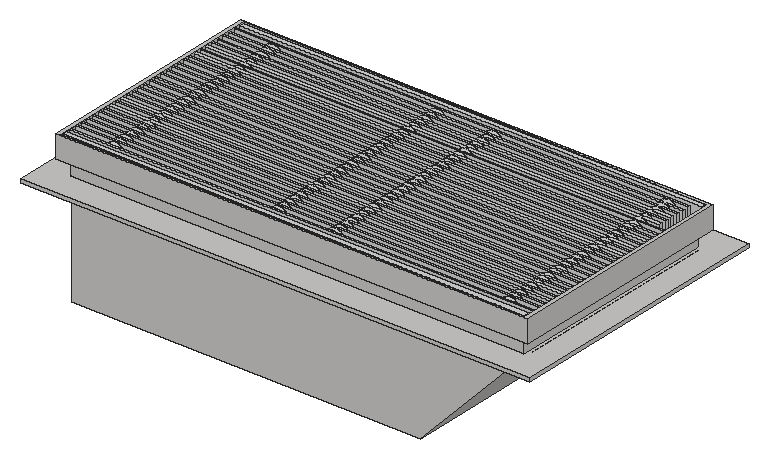
Revit family "Drain_Kettle_Zurn-Z1762", category Plumbing Fixtures, Revit 2022
Family settings
  Round Connector Dimension = Use Radius
  Part Type = Normal
  OmniClass Number = 23.45.55.21
  OmniClass Title = Drains (Wastes)
  Work Plane-Based = No
  Always vertical = Yes
  Cut with Voids When Loaded = No
  Maintain Annotation Orientation = No
  Shared = No
  Room Calculation Point = No
Parameters (values of type "Z1762-3 Inch No-Hub Outlet")
  Waste Connection = 1 = 1  # yes
  WFU = 1  # constant formula
  Vent Connection = 1 = 0  # no
  URL = "www.zurn.com"
  Type Comments = ""
  R Dimension = 7.875"
  Product data URL = "https://www.bimobject.com/en-us/zurnindustries/product/z1762"
  Product Page URL = "https://www.zurn.com/products/drainage-interceptors/floor-drains/kettle-drains/z1762"
  Product Documentation Link = "https://files.zurn.com/spec-sheets/z1762.pdf"
  Pipe Size A (Inner Radius) = 1.534"
  Pipe Size A (Actual Radius) = 1.750"
  Modified Date = "11/07/2025"  # constant formula
  Model = "Z1762"  # constant formula
  Manufacturer Brand = "Zurn"  # constant formula
  Manufacturer = "Zurn Water, LLC"  # constant formula
  Main Material = Steel - Zurn - Stainless - A.R.E Coated - Type - 304
  HWFU = 0  # constant formula
  HW Connection = 1 = 0  # no
  Grate Open Area = 149.000"  # constant formula
  Description = "KETTLE DRAIN"  # constant formula
  Default Elevation = 25.000"  # constant formula
  Date Created = "02/22/2023"  # constant formula
  CWFU = 0  # constant formula
  CW Connection = 1 = 0  # no
  Assembly Code = "D2030300"
  Approx. Wt. Lbs = 71.000"  # constant formula
  Pipe Size A (Nominal Radius) = [Pipe Size A (Diameter)] / 2  # 1.500"
  Pipe Size A (Diameter) = 3.000"
Types (7): name | R Dimension | Pipe Size A (Inner Radius) | Pipe Size A (Actual Radius) | Main Material | Pipe Size A (Nominal Radius) | Pipe Size A (Diameter)
  (no name) | 7.875" | 1.534" | 1.750" | Steel - Zurn - Stainless - A.R.E Coated - Type - 304 | 1.500" | 3.000"
  Z1762-3 Inch No-Hub Outlet | 7.875" | 1.534" | 1.750" | Steel - Zurn - Stainless - A.R.E Coated - Type - 304 | 1.500" | 3.000"
  Z1762-4 Inch No-Hub Outlet | 7.875" | 2.013" | 2.250" | Steel - Zurn - Stainless - A.R.E Coated - Type - 304 | 2.000" | 4.000"
  Z1762-6 Inch No-Hub Outlet | 6.875" | 3.033" | 3.313" | Steel - Zurn - Stainless - A.R.E Coated - Type - 304 | 3.000" | 6.000"
  ZS1762-3 Inch No-Hub Outlet | 7.875" | 1.534" | 1.750" | Steel - Zurn - Fabricated Stainless - Type - 304 | 1.500" | 3.000"
  ZS1762-4 Inch No-Hub Outlet | 7.875" | 2.013" | 2.250" | Steel - Zurn - Fabricated Stainless - Type - 304 | 2.000" | 4.000"
  ZS1762-6 Inch No-Hub Outlet | 6.875" | 3.033" | 3.313" | Steel - Zurn - Fabricated Stainless - Type - 304 | 3.000" | 6.000"
Reference planes (in)
  plane 1 "Center (Front/Back)": y = 0
  plane 2: z = 0
  plane 3 "Center (Left/Right)": x = 0
  plane 4: x = 12.5
  plane 5: x = -12.5
  plane 6: x = 12.25
  plane 7: x = -12.25
  plane 8: y = -12
  plane 9: y = 12
  plane 10: z = -8
  plane 11: z = -10
  plane 12: z = -2
  plane 13: y = -1.75
  plane 14: y = 1.75
  plane 15: x = -7.875
  plane 16: x = -9.409
  plane 17: x = -6.341
  plane 18: x = -9.625
  plane 19: x = -6.125
  plane 20: x = 12
  plane 21: z = -1.1875
  plane 22: x = -12
  plane 23: x = 6.5
  plane 24: y = 6.136
  plane 25: y = -6.136
  plane 26: y = 5.9375
  plane 27: y = -5.9375
  plane 28: y = 5.75
  plane 29: y = 5.5625
  plane 30: y = -5.5625
  plane 31: y = -5.75
  plane 32: x = 11.8125
  plane 33: x = -11.8125
  plane 34: z = -2.1875
  plane 35: x = -13.5
  plane 36: x = 13.5
  plane 37: y = 5.5625
  plane 38: y = -5.562
  plane 39: x = -11.8125
  plane 40: x = 11.8125
  plane 41: y = 5.75
  plane 42: y = -5.75
  plane 43: x = -12.3125
  plane 44: x = 12.3125
  plane 45: y = 6.0625
  plane 46: y = -6.0625
  plane 47: y = 7.42
  plane 48: y = -6.125
  plane 49: z = -1
  plane 50: x = -11.8125
  plane 51: x = 11.8125
  plane 52: y = -6.06
  plane 53: x = 12.25
  plane 54: y = -6.00419
  plane 55: x = -12.25
  plane 56: y = 5.99581
  plane 57: y = -5.996
  plane 58: y = 5.375
  plane 59: y = 5.125
  plane 60: y = 5
  plane 61: y = 4.75
  plane 62: y = 4.625
  plane 63: y = 4.375
  plane 64: y = 4.25
  plane 65: y = 4
  plane 66: y = 3.875
  plane 67: y = 3.625
  plane 68: y = 3.5
  plane 69: y = 3.25
  plane 70: y = 3.125
  plane 71: y = 2.875
  plane 72: y = 2.75
  plane 73: y = 2.5
  plane 74: y = 2.375
  plane 75: y = 2.125
  plane 76: y = 2
  plane 77: y = 1.75
  plane 78: y = 1.625
  plane 79: y = 1.375
  plane 80: y = 1.25
  plane 81: y = 1
  plane 82: y = 0.875
  plane 83: y = 0.625
  plane 84: y = 0.5
  plane 85: y = 0.25
  plane 86: y = 0.125
  plane 87: y = -0.125
  plane 88: y = -0.25
  plane 89: y = -0.5
  plane 90: y = -0.625
  plane 91: y = -0.875
  plane 92: y = -1
  plane 93: y = -1.25
  plane 94: y = -1.375
  plane 95: y = -1.625
  plane 96: y = -1.75
  plane 97: y = -2
  plane 98: y = -2.125
  plane 99: y = -2.375
  plane 100: y = -2.5
  plane 101: y = -2.75
  plane 102: y = -2.875
  plane 103: y = -3.125
  plane 104: y = -3.25
  plane 105: y = -3.5
  plane 106: y = -3.625
  plane 107: y = -3.875
  plane 108: y = -4
  plane 109: y = -4.25
  plane 110: y = -4.375
  plane 111: y = -4.625
  plane 112: y = -4.75
  plane 113: y = -5
  plane 114: y = -5.125
  plane 115: y = -5.375
  plane 116: y = -5.5
  plane 117: y = -5.75
  plane 118: y = 5.75
  plane 119: y = 5.5
  plane 120: y = 3.25
  plane 121: y = 5.375
  plane 122: x = 11.755
  plane 123: y = 1.534
  plane 124: y = -1.534
  plane 125: x = -1.75
  plane 126: x = 1.75
  plane 127: y = 4.9088
  plane 128: y = 3.6816
  plane 129: y = 2.4544
  plane 130: y = 1.2272
  plane 131: y = -4.9088
  plane 132: y = -3.6816
  plane 133: y = -2.4544
  plane 134: y = -1.2272
Forms (in)
  Extrusion 1, solid, material "Steel - Zurn - Stainless - A.R.E Coated - Type - 304" <- "Main Material", detail levels fine
    sketch origin (0, 0, 0) x (1, 0, 0) y (0, 1, 0)
      loop
        line (-12.5, 6.136) -> (-12.5, -6.136) -> (12.5, -6.136) -> (12.5, 6.136) -> (-12.5, 6.136)
    from 0 to -1.1875
  Extrusion 2, solid, material "Steel - Zurn - Stainless - A.R.E Coated - Type - 304" <- "Main Material", detail levels fine
    sketch origin (0, 0, 0) x (1, 0, 0) y (0, 1, 0)
      loop
        line (-11.8125, 5.5625) -> (-11.8125, -5.5625) -> (11.8125, -5.5625) -> (11.8125, 5.5625) -> (-11.8125, 5.5625)
      loop
        line (-12, 5.75) -> (-12, -5.75) -> (12, -5.75) -> (12, 5.75) -> (-12, 5.75)
    from -2.1875 to -1.1875
  Sweep 3, solid, material "Steel - Zurn - Stainless - A.R.E Coated - Type - 304" <- "Main Material", detail levels fine
    path origin (0, 0, 0) x (1, 0, 0) y (0, 1, 0)
      loop
        line (11.8125, -5.562) -> (11.8125, 5.5625) -> (-11.8125, 5.5625) -> (-11.8125, -5.562) -> (11.8125, -5.562)
    profile origin (11.8125, 0.00025, 0) x (-1, 0, 0) y (0, 0, 1)
      loop
        line (-0.1875, -2) -> (-1.6875, -2) -> (-1.6875, -2.1875) -> (-0.1875, -2.1875) -> (-0.1875, -2)
  Blend 4, solid, material "Steel - Zurn - Stainless - A.R.E Coated - Type - 304" <- "Main Material", detail levels fine
    base sketch origin (0, 0, 0) x (1, 0, 0) y (0, 1, 0)
      loop
        line (-12, 5.6875) -> (-12, -5.6875) -> (6.5, -5.6875) -> (6.5, 5.6875) -> (-12, 5.6875)
    top sketch origin (0, 0, 0) x (1, 0, 0) y (0, 1, 0)
      loop
        line (-12, 5.75) -> (-12, -5.6875) -> (12, -5.6875) -> (12, 5.75) -> (-12, 5.75)
    from -8 to -2.1875
  Extrusion 5, solid, material "Steel - Zurn - Stainless - A.R.E Coated - Type - 304" <- "Main Material", detail levels fine
    sketch origin (0, 0, 0) x (1, 0, 0) y (0, 1, 0)
      loop
        circle (-7.875, 0) r 1.75
    from -10 to -8
  Extrusion 6, void, detail levels fine
    sketch origin (0, 0, 0) x (0, 1, 0) y (1, 0, 0)
      loop
        circle (0, -7.875) r 1.534
    from 8 to 10
  Extrusion 7, void, detail levels fine
    sketch origin (0.0625, -0.0625, 0) x (1, 0, 0) y (0, 1, 0)
      loop
        line (-12.375, 6.125) -> (-12.375, -5.9975) -> (12.25, -5.9975) -> (12.25, 6.125) -> (-12.375, 6.125)
    from 0 to -1
  Extrusion 8, void, detail levels fine
    sketch origin (-0.1875, 0, -0.0154) x (1, 0, 0) y (0, 1, 0)
      loop
        line (-11.625, -5.5) -> (12, -5.5) -> (12, 5.5) -> (-11.625, 5.5) -> (-11.625, -5.5)
    from -0.9846 to -1.1721
  Extrusion 9, solid, material "Steel - Zurn Industries - Stainless Type 304", detail levels fine
    sketch origin (0.00981, 0.00291, 0) x (1, 0, 0) y (0, 0, 1)
      loop
        circle (-10.187, -0.5) r 0.5
      loop
        circle (-1.5, -0.5) r 0.5
      loop
        circle (10.75, -0.5) r 0.5
      loop
        circle (1.5, -0.5) r 0.5
    from -5.375 to 5.375
  Extrusion 10, solid, material "Steel - Zurn Industries - Stainless Type 304", detail levels fine
    sketch origin (0, -0.00419, 0) x (1, 0, 0) y (0, 1, 0)
      loop
        line (12.25, 6) -> (-12.25, 6) -> (-12.25, -5.99181) -> (12.25, -5.99181) -> (12.25, 6)
    from 0 to -1
  Extrusion 11, void, detail levels fine
    sketch origin (0, 0, 0) x (1, 0, 0) y (0, 1, 0)
      loop
        line (-12.25, 5.375) -> (-12.25, 5.125) -> (12.25, 5.125) -> (12.25, 5.375) -> (-12.25, 5.375)
      loop
        line (-12.25, 5) -> (-12.25, 4.75) -> (12.25, 4.75) -> (12.25, 5) -> (-12.25, 5)
      loop
        line (-12.25, 4.625) -> (-12.25, 4.375) -> (12.25, 4.375) -> (12.25, 4.625) -> (-12.25, 4.625)
      loop
        line (-12.25, 4.25) -> (-12.25, 4) -> (12.25, 4) -> (12.25, 4.25) -> (-12.25, 4.25)
      loop
        line (-12.25, 3.875) -> (-12.25, 3.625) -> (12.25, 3.625) -> (12.25, 3.875) -> (-12.25, 3.875)
      loop
        line (-12.25, 3.5) -> (-12.25, 3.25) -> (12.25, 3.25) -> (12.25, 3.5) -> (-12.25, 3.5)
      loop
        line (-12.25, 3.125) -> (-12.25, 2.875) -> (12.25, 2.875) -> (12.25, 3.125) -> (-12.25, 3.125)
      loop
        line (-12.25, 2.75) -> (-12.25, 2.5) -> (12.25, 2.5) -> (12.25, 2.75) -> (-12.25, 2.75)
      loop
        line (-12.25, 2.375) -> (-12.25, 2.125) -> (12.25, 2.125) -> (12.25, 2.375) -> (-12.25, 2.375)
      loop
        line (-12.25, 2) -> (-12.25, 1.75) -> (12.25, 1.75) -> (12.25, 2) -> (-12.25, 2)
      loop
        line (-12.25, 1.625) -> (-12.25, 1.375) -> (12.25, 1.375) -> (12.25, 1.625) -> (-12.25, 1.625)
      loop
        line (-12.25, 1.25) -> (-12.25, 1) -> (12.25, 1) -> (12.25, 1.25) -> (-12.25, 1.25)
      loop
        line (-12.25, 0.875) -> (-12.25, 0.625) -> (12.25, 0.625) -> (12.25, 0.875) -> (-12.25, 0.875)
      loop
        line (-12.25, 0.5) -> (-12.25, 0.25) -> (12.25, 0.25) -> (12.25, 0.5) -> (-12.25, 0.5)
      loop
        line (-12.25, 0.125) -> (-12.25, -0.125) -> (12.25, -0.125) -> (12.25, 0.125) -> (-12.25, 0.125)
      loop
        line (-12.25, -0.25) -> (-12.25, -0.5) -> (12.25, -0.5) -> (12.25, -0.25) -> (-12.25, -0.25)
      loop
        line (-12.25, -0.625) -> (-12.25, -0.875) -> (12.25, -0.875) -> (12.25, -0.625) -> (-12.25, -0.625)
      loop
        line (-12.25, -1) -> (-12.25, -1.25) -> (12.25, -1.25) -> (12.25, -1) -> (-12.25, -1)
      loop
        line (-12.25, -1.375) -> (-12.25, -1.625) -> (12.25, -1.625) -> (12.25, -1.375) -> (-12.25, -1.375)
      loop
        line (-12.25, -1.75) -> (-12.25, -2) -> (12.25, -2) -> (12.25, -1.75) -> (-12.25, -1.75)
      loop
        line (-12.25, -2.125) -> (-12.25, -2.375) -> (12.25, -2.375) -> (12.25, -2.125) -> (-12.25, -2.125)
      loop
        line (-12.25, -2.5) -> (-12.25, -2.75) -> (12.25, -2.75) -> (12.25, -2.5) -> (-12.25, -2.5)
      loop
        line (-12.25, -2.875) -> (-12.25, -3.125) -> (12.25, -3.125) -> (12.25, -2.875) -> (-12.25, -2.875)
      loop
        line (-12.25, -3.25) -> (-12.25, -3.5) -> (12.25, -3.5) -> (12.25, -3.25) -> (-12.25, -3.25)
      loop
        line (-12.25, -3.625) -> (-12.25, -3.875) -> (12.25, -3.875) -> (12.25, -3.625) -> (-12.25, -3.625)
      loop
        line (-12.25, -4) -> (-12.25, -4.25) -> (12.25, -4.25) -> (12.25, -4) -> (-12.25, -4)
      loop
        line (-12.25, -4.375) -> (-12.25, -4.625) -> (12.25, -4.625) -> (12.25, -4.375) -> (-12.25, -4.375)
      loop
        line (-12.25, -4.75) -> (-12.25, -5) -> (12.25, -5) -> (12.25, -4.75) -> (-12.25, -4.75)
      loop
        line (-12.25, -5.125) -> (-12.25, -5.375) -> (12.25, -5.375) -> (12.25, -5.125) -> (-12.25, -5.125)
      loop
        line (-12.25, -5.5) -> (-12.25, -5.75) -> (12.25, -5.75) -> (12.25, -5.5) -> (-12.25, -5.5)
      loop
        line (-12.25, 5.75) -> (-12.25, 5.5) -> (12.25, 5.5) -> (12.25, 5.75) -> (-12.25, 5.75)
    from 0 to -1
  Extrusion 12, void, detail levels fine
    sketch origin (0.005, 0, 0) x (1, 0, 0) y (0, 1, 0)
      loop
        line (12.25, 5.6332) -> (11.8075, 5.6332) -> (11.8075, 3.25) -> (12.25, 3.25) -> (12.25, 5.6332)
    from 0 to -1
Cuts and joins
  Extrusion 6, Extrusion 7, Extrusion 8 cuts Extrusion 1
  Extrusion 6, Extrusion 11 cuts Blend 4
  Extrusion 6 cuts Extrusion 5
  Extrusion 11, Extrusion 12 cuts Extrusion 10
Lines and regions (in)
  Masking region 1, detail levels fine
    outline origin (-21, -60, -10) x (-1, 0, 0) y (0, -1, 0)
      loop
        line (-7.5, -67.25) -> (-7.5, -52.7505) -> (-34.5, -52.7505) -> (-34.5, -67.25) -> (-7.5, -67.25)
  model lines, detail levels coarse+medium
    curve 1: line (-12.5, 6.136, 0) -> (12.5, 6.136, 0)
    curve 2: line (-12.5, -6.136, 0) -> (-12.5, 6.136, 0)
    curve 3: line (12.5, -6.136, 0) -> (-12.5, -6.136, 0)
    curve 4: line (12.5, 6.136, 0) -> (12.5, -6.136, 0)
    curve 5: line (-12.5, 0, 0) -> (12.5, 0, 0)
    curve 6: line (-7.875, 0, 0) -> (-7.875, 0, -10)
    curve 7: line (-9.625, 0, -10) -> (-6.125, 0, -10)
    curve 8: line (-7.875, 1.75, -10) -> (-7.875, -1.75, -10)
    curve 9: line (-12.5, 1.2272, 0) -> (12.5, 1.2272, 0)
    curve 10: line (-12.5, 2.4544, 0) -> (12.5, 2.4544, 0)
    curve 11: line (-12.5, 3.6816, 0) -> (12.5, 3.6816, 0)
    curve 12: line (-12.5, 4.9088, 0) -> (12.5, 4.9088, 0)
    curve 13: line (-12.5, -2.4544, 0) -> (12.5, -2.4544, 0)
    curve 14: line (-12.5, -3.6816, 0) -> (12.5, -3.6816, 0)
    curve 15: line (-12.5, -4.9088, 0) -> (12.5, -4.9088, 0)
    curve 16: line (-12.5, -1.2272, 0) -> (12.5, -1.2272, 0)
Dimensions and locks (in)
  plane 9 to plane 1 "Center (Front/Back)" to plane 8 = 12.000", 12.000"
  plane 9 to plane 8 = 24.000"
  plane 2 to plane 10 = 8.000"
  locked: plane 10 to plane 11 at 2
  plane 2 to plane 12 = 2.000"
  equal spacing: plane 7, plane 3 "Center (Left/Right)", plane 6
  plane 7 to plane 6 = 24.500"
  equal spacing: plane 4, plane 3 "Center (Left/Right)", plane 5
  plane 4 to plane 5 = 25.000"
  "R Dimension": plane 3 "Center (Left/Right)" to plane 15
  "Pipe Size A (Inner Radius)": plane 15 to plane 16
  "Pipe Size A (Inner Radius)": plane 17 to plane 15
  "Pipe Size A (Actual Radius)": plane 15 to plane 18
  "Pipe Size A (Actual Radius)": plane 19 to plane 15
  level to plane 11 = 10.000"
  plane 20 to plane 5 = 24.500"
  equal spacing: plane 20, plane 3 "Center (Left/Right)", plane 22
  plane 3 "Center (Left/Right)" to plane 22 = 12.000"
  equal spacing: plane 24, plane 1 "Center (Front/Back)", plane 25
  plane 24 to plane 25 = 12.272"
  plane 12 to plane 34 = 0.1875"
  equal spacing: plane 36, plane 3 "Center (Left/Right)", plane 35
  plane 36 to plane 35 = 27.000"
  plane 41 to plane 42 = 11.500"
  plane 23 to plane 22 = 18.500"
  plane 22 to plane 23 = 18.500"
  equal spacing: plane 43, plane 3 "Center (Left/Right)", plane 44
  plane 43 to plane 44 = 24.625"
  equal spacing: plane 45, plane 1 "Center (Front/Back)", plane 46
  locked: plane 45 to plane 46 at 12.125
  plane 44 to plane 43 = 24.625"
  level to plane 21 = 1.1875"
  level to plane 49 = 1.000"
  plane 24 to plane 37 = 0.5735"
  plane 38 to plane 25 = 0.574"
  plane 24 to plane 56 = 0.14019"
  plane 57 to plane 25 = 0.140"
  plane 58 to plane 59 = 0.250"
  plane 60 to plane 59 = 0.125"
  plane 61 to plane 60 = 0.250"
  "Pipe Size A (Inner Radius)": plane 123 to plane 1 "Center (Front/Back)"
  "Pipe Size A (Inner Radius)": plane 1 "Center (Front/Back)" to plane 124
  "Pipe Size A (Actual Radius)": plane 1 "Center (Front/Back)" to plane 13
  "Pipe Size A (Actual Radius)": plane 14 to plane 1 "Center (Front/Back)"
  "Pipe Size A (Actual Radius)": plane 125 to plane 3 "Center (Left/Right)"
  "Pipe Size A (Actual Radius)": plane 3 "Center (Left/Right)" to plane 126
  plane 123 to plane 1 "Center (Front/Back)" = 1.534"
  plane 1 "Center (Front/Back)" to plane 124 = 1.534"
  plane 1 "Center (Front/Back)" to plane 13 = 1.750"
  plane 14 to plane 1 "Center (Front/Back)" = 1.750"
  equal spacing: plane 24, plane 127, plane 128, plane 129, plane 130, plane 1 "Center (Front/Back)"
  equal spacing: plane 25, plane 131, plane 132, plane 133, plane 134, plane 1 "Center (Front/Back)"
  "Pipe Size A (Actual Radius)": radius of Extrusion 5 sketch curve
  "Pipe Size A (Inner Radius)": radius of Extrusion 6 sketch curve
  aligned and locked: level to plane 2
  aligned and locked: plane 21 to Extrusion 1
  aligned and locked: level to Extrusion 1
  aligned and locked: Extrusion 1 to plane 5  (x2)
  aligned and locked: plane 4 to Extrusion 1  (x3)
  aligned and locked: plane 24 to Extrusion 1
  aligned and locked: Extrusion 1 to plane 25
  aligned and locked: plane 29 to Extrusion 2 sketch curve
  aligned and locked: plane 30 to Extrusion 2 sketch curve
  aligned and locked: plane 22 to Extrusion 2 sketch curve
  aligned and locked: Extrusion 2 sketch curve to plane 20
  aligned and locked: plane 33 to Extrusion 2 sketch curve
  aligned and locked: plane 32 to Extrusion 2 sketch curve
  aligned and locked: Extrusion 2 to plane 22
  aligned and locked: plane 20 to Extrusion 2
  aligned and locked: Extrusion 1 to level
  aligned and locked: plane 21 to Extrusion 2
  aligned and locked: plane 5 to Extrusion 1
  aligned and locked: Extrusion 2 to plane 34
  aligned and locked: plane 12 to Sweep 3  (x2)
  aligned and locked: Sweep 3 to plane 34  (x2)
  aligned and locked: Sweep 3 to plane 35
  aligned and locked: plane 36 to Sweep 3
  aligned and locked: plane 37 to Sweep 3 sketch curve
  aligned and locked: plane 39 to Extrusion 2
  aligned and locked: plane 40 to Extrusion 2
  aligned and locked: Blend 4 sketch curve to var sketch
  aligned and locked: Blend 4 to plane 22
  aligned and locked: Blend 4 to plane 10
  aligned and locked: plane 34 to Blend 4
  aligned and locked: Blend 4 sketch curve to plane 20
  aligned and locked: plane 41 to Extrusion 2
  aligned and locked: plane 42 to Extrusion 2
  aligned and locked: Blend 4 sketch curve to plane 23
  aligned and locked: plane 15 to Extrusion 5 sketch curve
  aligned and locked: plane 1 "Center (Front/Back)" to Extrusion 5 sketch curve
  aligned and locked: Extrusion 5 to plane 11
  aligned and locked: plane 10 to Extrusion 5
  aligned and locked: plane 15 to Extrusion 6 sketch curve
  aligned and locked: plane 1 "Center (Front/Back)" to Extrusion 6 sketch curve
  aligned and locked: plane 10 to Extrusion 6
  aligned and locked: Extrusion 6 to plane 11
  aligned and locked: Sweep 3 sketch curve to plane 38
  aligned and locked: Extrusion 7 to plane 43
  aligned and locked: plane 44 to Extrusion 7
  aligned and locked: Extrusion 7 to plane 49
  aligned and locked: plane 49 to Extrusion 8
  aligned and locked: plane 51 to Extrusion 2
  aligned and locked: plane 50 to Extrusion 2
  aligned and locked: Extrusion 8 to plane 50
  aligned and locked: plane 51 to Extrusion 8
  aligned and locked: plane 44 to Extrusion 7 sketch curve
  aligned and locked: plane 43 to Extrusion 7 sketch curve
  aligned and locked: Extrusion 7 sketch curve to plane 45
  aligned and locked: Extrusion 7 sketch curve to plane 52
  aligned and locked: Extrusion 10 sketch curve to plane 55
  aligned and locked: plane 56 to Extrusion 10 sketch curve
  aligned and locked: plane 57 to Extrusion 10 sketch curve
  aligned and locked: Extrusion 11 sketch curve to plane 58
  aligned and locked: Extrusion 11 sketch curve to plane 59
  aligned and locked: plane 6 to Extrusion 11
  aligned and locked: Extrusion 11 sketch curve to plane 118
  aligned and locked: Extrusion 11 sketch curve to plane 119
  aligned and locked: Extrusion 12 sketch curve to plane 120
  aligned and locked: Extrusion 12 to Extrusion 2
  aligned and locked: curve 1 to plane 24
  aligned and locked: plane 5 to curve 2
  aligned and locked: curve 4 to plane 4
  aligned and locked: plane 25 to curve 3
  aligned and locked: plane 1 "Center (Front/Back)" to curve 5
  aligned and locked: plane 11 to curve 6
  aligned and locked: level to curve 6
  aligned and locked: curve 6 to plane 1 "Center (Front/Back)"
  aligned and locked: plane 18 to curve 7
  aligned and locked: plane 19 to curve 7
  aligned and locked: curve 7 to plane 11
  aligned and locked: plane 14 to curve 8
  aligned and locked: plane 13 to curve 8
  aligned and locked: curve 8 to plane 11
  aligned and locked: Masking region 1 sketch curve to Sweep 3  (x4)
Automatic sketch dimensions
  Extrusion 2 sketch curve to Extrusion 2 sketch curve = 0.1875"  (x2)
  Extrusion 1 sketch curve to plane 5 = 0.000"
  Extrusion 1 sketch curve to plane 4 = 0.000"
  Extrusion 1 sketch curve to plane 25 = 0.000"
  Extrusion 1 sketch curve to plane 24 = 0.000"
  Sweep 3 sketch curve to plane 39 = 0.000"
  Sweep 3 sketch curve to plane 40 = 0.000"
  profile plane to Sweep 3 sketch curve = 1.6875"
  profile plane to Sweep 3 sketch curve = 0.1875"
  Sweep 3 sketch curve to profile plane = 2.1875"
  Sweep 3 sketch curve to Sweep 3 sketch curve = 0.1875"
  Blend 4 sketch curve to plane 22 = 0.000"
  plane 27 to Blend 4 sketch curve = 0.250"
  Blend 4 sketch curve to plane 26 = 0.250"
  Blend 4 sketch curve to plane 41 = 0.000"
  plane 42 to Blend 4 sketch curve = 0.0625"
  Extrusion 8 sketch curve to plane 50 = 0.000"
  Extrusion 8 sketch curve to plane 51 = 0.000"
  plane 27 to Extrusion 8 sketch curve = 0.4375"
  Extrusion 8 sketch curve to plane 26 = 0.4375"
  Extrusion 9 sketch curve to plane 18 = 0.55219"
  plane 125 to Extrusion 9 sketch curve = 0.25981"
  Extrusion 9 sketch curve to plane 126 = 0.24019"
  Extrusion 9 sketch curve to level = 0.500"  (x4)
  Extrusion 9 sketch curve to plane 51 = 1.05269"
  Extrusion 10 sketch curve to plane 6 = 0.000"
  Extrusion 11 sketch curve to plane 7 = 0.000"  (x31)
  Extrusion 11 sketch curve to plane 6 = 0.000"  (x31)
  plane 117 to Extrusion 11 sketch curve = 0.000"
  plane 116 to Extrusion 11 sketch curve = 0.000"
  plane 115 to Extrusion 11 sketch curve = 0.000"
  plane 114 to Extrusion 11 sketch curve = 0.000"
  plane 113 to Extrusion 11 sketch curve = 0.000"
  plane 112 to Extrusion 11 sketch curve = 0.000"
  plane 111 to Extrusion 11 sketch curve = 0.000"
  plane 110 to Extrusion 11 sketch curve = 0.000"
  plane 109 to Extrusion 11 sketch curve = 0.000"
  plane 108 to Extrusion 11 sketch curve = 0.000"
  plane 107 to Extrusion 11 sketch curve = 0.000"
  plane 106 to Extrusion 11 sketch curve = 0.000"
  plane 105 to Extrusion 11 sketch curve = 0.000"
  plane 104 to Extrusion 11 sketch curve = 0.000"
  plane 103 to Extrusion 11 sketch curve = 0.000"
  plane 102 to Extrusion 11 sketch curve = 0.000"
  plane 101 to Extrusion 11 sketch curve = 0.000"
  plane 100 to Extrusion 11 sketch curve = 0.000"
  plane 99 to Extrusion 11 sketch curve = 0.000"
  plane 98 to Extrusion 11 sketch curve = 0.000"
  plane 97 to Extrusion 11 sketch curve = 0.000"
  plane 96 to Extrusion 11 sketch curve = 0.000"
  plane 95 to Extrusion 11 sketch curve = 0.000"
  plane 94 to Extrusion 11 sketch curve = 0.000"
  plane 93 to Extrusion 11 sketch curve = 0.000"
  plane 92 to Extrusion 11 sketch curve = 0.000"
  plane 91 to Extrusion 11 sketch curve = 0.000"
  plane 90 to Extrusion 11 sketch curve = 0.000"
  plane 89 to Extrusion 11 sketch curve = 0.000"
  plane 88 to Extrusion 11 sketch curve = 0.000"
  plane 87 to Extrusion 11 sketch curve = 0.000"
  plane 86 to Extrusion 11 sketch curve = 0.000"
  plane 85 to Extrusion 11 sketch curve = 0.000"
  plane 84 to Extrusion 11 sketch curve = 0.000"
  plane 83 to Extrusion 11 sketch curve = 0.000"
  plane 82 to Extrusion 11 sketch curve = 0.000"
  plane 81 to Extrusion 11 sketch curve = 0.000"
  plane 80 to Extrusion 11 sketch curve = 0.000"
  plane 79 to Extrusion 11 sketch curve = 0.000"
  plane 78 to Extrusion 11 sketch curve = 0.000"
  plane 77 to Extrusion 11 sketch curve = 0.000"
  plane 76 to Extrusion 11 sketch curve = 0.000"
  plane 75 to Extrusion 11 sketch curve = 0.000"
  plane 74 to Extrusion 11 sketch curve = 0.000"
  plane 73 to Extrusion 11 sketch curve = 0.000"
  plane 72 to Extrusion 11 sketch curve = 0.000"
  plane 71 to Extrusion 11 sketch curve = 0.000"
  plane 70 to Extrusion 11 sketch curve = 0.000"
  plane 69 to Extrusion 11 sketch curve = 0.000"
  plane 68 to Extrusion 11 sketch curve = 0.000"
  plane 67 to Extrusion 11 sketch curve = 0.000"
  plane 66 to Extrusion 11 sketch curve = 0.000"
  plane 65 to Extrusion 11 sketch curve = 0.000"
  plane 64 to Extrusion 11 sketch curve = 0.000"
  plane 63 to Extrusion 11 sketch curve = 0.000"
  plane 62 to Extrusion 11 sketch curve = 0.000"
  plane 61 to Extrusion 11 sketch curve = 0.000"
  plane 60 to Extrusion 11 sketch curve = 0.000"
  Extrusion 12 sketch curve to plane 51 = 0.000"
  plane 6 to Extrusion 12 sketch curve = 0.005"
  plane 121 to Extrusion 12 sketch curve = 0.2582"
  plane 131 to curve 15 = 0.000"
  plane 132 to curve 14 = 0.000"
  plane 133 to curve 13 = 0.000"
  plane 134 to curve 16 = 0.000"
  curve 9 to plane 130 = 0.000"
  curve 10 to plane 129 = 0.000"
  curve 11 to plane 128 = 0.000"
  curve 12 to plane 127 = 0.000"
  radius of Extrusion 9 sketch curve = 0.500"  (x4)
Connectors (in)
  piping at (-7.875, 0, -10), diameter 3, driven by "Pipe Size A (Nominal Radius)", driven by "Waste Connection"
    settings: on cut or joined group of Extrusion 5, Extrusion 6, index 1, connector inside diameter 609.6 mm, connector length 0.000", flow factor 0, pipe flow 0.0 L/s, pressure drop 0.0 Pa, fitting loss kfactor 0, connector angle 0.00°, fixture units 0, engagement length 0.000", angle of deflection 0.00°, flow configuration 0, flow direction 2, fitting loss method 0, system type 16, joint type 0, gender type 0, connector reference index -1, connector utility 1, adjustable connector no, is connector primary yes, connector description "Outlet Connection"
